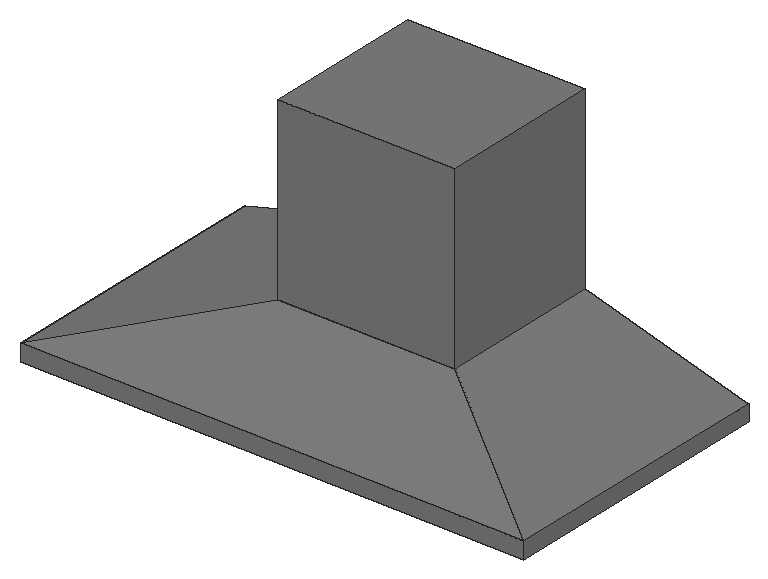
Revit family "Parex_SpecialityEquipment_Martina_Rangehood", category Specialty Equipment, Revit 2023
Family settings
  Round Connector Dimension = Use Diameter
  Part Type = Normal
  Work Plane-Based = No
  Enable Cutting in Views = Yes
  Always vertical = Yes
  Cut with Voids When Loaded = No
  Maintain Annotation Orientation = No
  Shared = No
  Room Calculation Point = No
Parameters
  Width = 900 mm
  WarrantyDescription = "5-Year in-home warranty on hood, 10-Year in-home warranty on motor"
  URL = "https://amorehomes.co.nz/"
  Type IFC Predefined Type = "NOTDEFINED"
  Specifications = "Quiet operation with external motor\r\nExpel smoke, grease, smells & steam outside\r\nEasy control with soft touch eye level controls\r\nGreat control with 5-speed levels\r\n15-Minute delay timer with auto shut-off\r\nTwin LED lights gives you great stove top lighting\r\nSturdy hood made of 1mm 430 stainless steel\r\nStainless steel dishwasher safe filters\r\nRemote control for optimum convenience\r\nDimensions: 900mm wide x 500mm deep\r\nIncludes 5m ducting"
  MountType = "Wall-Mount"
  Model = "Martina 900mm Wall-Mount Rangehood"
  Material = Parex_Metal_430 Stainless Steel_Black
  Manufacturer = "Amore Homes"
  HoodThickness = 30 mm
  HeightOffset = 110.5 mm
  Height = 1000 mm
  FilterMaterial = Parex_Metal_Filter
  Export Type to IFC As = "IfcElectricApplianceType"
  Description = "The Martina 900mm wall-mounted rangehood is suitable for up to a 900mm cooktop. With its black angled sleek lines it will fit into you kitchen seemlessly and can be paired with a motor to suit your cooking requirements."
  Depth = 500 mm
  Default Elevation = Height  # 1000 mm
  ChimneyWidth = 315 mm
  ChimneyHeightInput [instance] = 0 mm
  ChimneyHeight [instance] = if(ChimneyHeightInput < 400 mm, 400 mm, if(ChimneyHeightInput > 750 mm, 750 mm, ChimneyHeightInput))  # 400 mm
  ChimneyDepth = 290 mm
  Calc_RearFrameWidth = 90 mm
  Calc_FrameOffset = 10.326 mm
Reference planes
  plane 1 "Center (Front/Back)": y = 0
  plane 2: z = 0
  plane 3 "Center (Left/Right)": x = 0
  plane 4 "HoodBase": z = 862.038
  plane 5 "Left": x = -450
  plane 6 "Right": x = 450
  plane 7 "Front": y = -500
  plane 8 "ChimneyLeft": x = -157.5
  plane 9 "ChimneyRight": x = 157.5
  plane 10 "ChimneyFront": y = -290
  plane 11 "HoodTop": z = 892.038
  plane 12 "ChimneyTop": z = 1292.038
  plane 13: y = -90
  plane 14: x = -439.674
  plane 15: x = 439.674
  plane 16: y = -479.704
  plane 17: x = -146.558
  plane 18: x = 146.558
  plane 19: y = -45
  plane 20: x = -293.116
  plane 21: x = 293.116
  plane 22 "AngledHeight": z = 972.538
Forms (mm)
  Extrusion 1, solid, material "Parex_Metal_430 Stainless Steel_Black" <- "Material"
    sketch origin (0, 0, 0) x (1, 0, 0) y (0, 1, 0)
      loop
        line (-450, -500) -> (450, -500) -> (450, 0) -> (-450, 0) -> (-450, -500)
    from 862.038 to 892.038
  Extrusion 2, solid, material "Parex_Metal_430 Stainless Steel_Black" <- "Material"
    sketch origin (0, 0, 0) x (1, 0, 0) y (0, 1, 0)
      loop
        line (-157.5, 0) -> (-157.5, -290) -> (157.5, -290) -> (157.5, 0) -> (-157.5, 0)
    from 972.538 to 1292.038
  Blend 3, solid, material "Parex_Metal_430 Stainless Steel_Black" <- "Material"
    base sketch origin (0, 0, 862.038) x (-1, 0, 0) y (0, -1, 0)
      loop
        line (450, 500) -> (-450, 500) -> (-450, 0) -> (450, 0) -> (450, 500)
    top sketch origin (0, 0, 862.038) x (-1, 0, 0) y (0, -1, 0)
      loop
        line (157.5, 0) -> (157.5, 290) -> (-157.5, 290) -> (-157.5, 0) -> (157.5, 0)
    from 30 to 110.5
Lines and regions (mm)
  model lines, detail levels medium+fine
    curve 1: line (-439.674, -90, 862.038) -> (439.674, -90, 862.038)
    curve 2: line (439.674, -479.704, 862.038) -> (-439.674, -479.704, 862.038)
    curve 3: line (-439.674, -479.704, 862.038) -> (-439.674, -90, 862.038)
    curve 4: line (439.674, -479.704, 862.038) -> (439.674, -90, 862.038)
    curve 5: line (-146.558, -479.704, 862.038) -> (-146.558, -90, 862.038)
    curve 6: line (146.558, -479.704, 862.038) -> (146.558, -90, 862.038)
Dimensions and locks
  equal spacing: plane 5 "Left", plane 3 "Center (Left/Right)", plane 6 "Right"
  "Width": plane 5 "Left" to plane 6 "Right"
  "Depth": plane 7 "Front" to plane 1 "Center (Front/Back)"
  equal spacing: plane 8 "ChimneyLeft", plane 3 "Center (Left/Right)", plane 9 "ChimneyRight"
  "ChimneyDepth": plane 10 "ChimneyFront" to plane 1 "Center (Front/Back)"
  "ChimneyWidth": plane 8 "ChimneyLeft" to plane 9 "ChimneyRight"
  "Calc_FrameOffset": plane 5 "Left" to plane 14
  "Calc_FrameOffset": plane 15 to plane 6 "Right"
  equal spacing: plane 14, plane 17, plane 18, plane 15
  "Calc_RearFrameWidth": plane 1 "Center (Front/Back)" to plane 13
  equal spacing: plane 14, plane 20, plane 17
  equal spacing: plane 18, plane 21, plane 15
  equal spacing: plane 1 "Center (Front/Back)", plane 19, plane 13
  "ChimneyHeight": plane 12 "ChimneyTop" to plane 11 "HoodTop"
  "HoodThickness": plane 11 "HoodTop" to plane 4 "HoodBase"
  "HeightOffset": plane 22 "AngledHeight" to plane 4 "HoodBase"
  aligned and locked: level to plane 2
  aligned and locked: Extrusion 1 sketch curve to plane 7 "Front"
  aligned and locked: Extrusion 1 sketch curve to plane 5 "Left"
  aligned and locked: Extrusion 1 sketch curve to plane 1 "Center (Front/Back)"
  aligned and locked: Extrusion 1 sketch curve to plane 6 "Right"
  aligned and locked: plane 11 "HoodTop" to Extrusion 1
  aligned and locked: Extrusion 1 to plane 4 "HoodBase"
  aligned and locked: Extrusion 2 sketch curve to plane 8 "ChimneyLeft"
  aligned and locked: Extrusion 2 sketch curve to plane 10 "ChimneyFront"
  aligned and locked: Extrusion 2 sketch curve to plane 9 "ChimneyRight"
  aligned and locked: Extrusion 2 sketch curve to plane 1 "Center (Front/Back)"
  aligned and locked: plane 12 "ChimneyTop" to Extrusion 2
  aligned and locked: curve 1 to plane 13
  aligned and locked: curve 2 to plane 16
  aligned and locked: curve 3 to plane 14
  aligned and locked: curve 4 to plane 15
  aligned and locked: curve 5 to plane 17
  aligned and locked: curve 6 to plane 18
  aligned and locked: plane 16 to curve 5
  aligned and locked: plane 13 to curve 5
  aligned and locked: nested 1 to plane 19
  aligned and locked: plane 20 to nested 1
  aligned and locked: plane 4 "HoodBase" to nested 2
  aligned and locked: plane 21 to nested 3
  aligned and locked: plane 19 to nested 3
  aligned and locked: nested 2 to plane 14
  aligned and locked: plane 17 to nested 2
  aligned and locked: plane 13 to nested 2
  aligned and locked: plane 16 to nested 2
  aligned and locked: Blend 3 sketch curve to plane 5 "Left"
  aligned and locked: Blend 3 sketch curve to plane 7 "Front"
  aligned and locked: Blend 3 sketch curve to plane 6 "Right"
  aligned and locked: Blend 3 sketch curve to plane 1 "Center (Front/Back)"  (x2)
  aligned and locked: Blend 3 sketch curve to plane 8 "ChimneyLeft"
  aligned and locked: Blend 3 sketch curve to plane 9 "ChimneyRight"
  aligned and locked: Blend 3 sketch curve to plane 10 "ChimneyFront"
  aligned and locked: plane 22 "AngledHeight" to Blend 3
  aligned and locked: Blend 3 to plane 11 "HoodTop"
  aligned and locked: Extrusion 2 to plane 22 "AngledHeight"
Nested families
  nested 1: "Parex_Generic_Spotlight" at (-293.116, -45, 862.038), type "Parex_Generic_Spotlight", detail levels medium+fine
  nested 2: "Parex_Generic_Filter" at (-293.116, -479.704, 859.481), FrameMaterial <- "Material", type "Parex_Generic_Filter", detail levels medium+fine
    with Width 293.116 mm, FrameMaterial Parex_Metal_430 Stainless Steel_Black, Depth 389.704 mm
  nested 3: "Parex_Generic_Spotlight" at (293.116, -45, 862.038) x (-1, 0, 0) z (0, 0, 1), type "Parex_Generic_Spotlight", detail levels medium+fine
  nested 4: "Parex_Generic_Filter" at (0, -479.704, 859.481), FrameMaterial <- "Material", type "Parex_Generic_Filter", detail levels medium+fine
    with Width 293.116 mm, FrameMaterial Parex_Metal_430 Stainless Steel_Black, Depth 389.704 mm
  nested 5: "Parex_Generic_Filter" at (293.116, -479.704, 859.481), FrameMaterial <- "Material", type "Parex_Generic_Filter", detail levels medium+fine
    with Width 293.116 mm, FrameMaterial Parex_Metal_430 Stainless Steel_Black, Depth 389.704 mm
Connectors
  hvac at (0, -145, 1292.038), driven by "ChimneyDepth", driven by "ChimneyWidth"
    settings: on Extrusion 2, index 1, duct flow 0.0 L/s, flow factor 0, pres drop 0.0 Pa, loss coef 0, conn angle 0.00°, conn width 315 mm, conn height 290 mm, conn diameter 609.6 mm, duct sys type 3, conn prof type 1, flow config 0, flow direction 0, loss method 0, conn ref index -1, conn util no, is conn primary yes, conn desc ""
Definition of nested family "Parex_Generic_Spotlight"
  Parameters (values of type "Parex_Generic_Spotlight")
    SpotlightMaterial = none
    SpotlightFrameMaterial = none
    InnerDiameter = Diameter - 5 mm  # 45 mm
    Diameter = 50 mm
    Default Elevation = 0 mm
  Reference planes
    plane 1 "Center (Front/Back)": y = 0
    plane 2: z = 0
    plane 3 "Center (Left/Right)": x = 0
    plane 4: z = -2.125
  Forms (mm)
    Extrusion 1, solid, material <- "SpotlightFrameMaterial", detail levels fine
      sketch origin (0, 0, 0) x (1, 0, 0) y (0, 1, 0)
        loop
          circle (0, 0) r 25
        loop
          circle (0, 0) r 22.5
      from -2.125 to 0
    Extrusion 2, solid, material <- "SpotlightMaterial", detail levels fine
      sketch origin (0, 0, 0) x (1, 0, 0) y (0, 1, 0)
        loop
          circle (0, 0) r 22.5
      from -2.125 to 0
  Lines and regions (mm)
    reference lines
      curve 1: circle (0, 0, 0) r 25 normal (0, 0, 1)
      curve 2: circle (0, 0, 0) r 22.5 normal (0, 0, 1)
    model lines
      curve 3: circle (0, 0, 0) r 25 normal (0, 0, 1)
      curve 4: circle (0, 0, 0) r 22.5 normal (0, 0, 1)
  Dimensions and locks
    "Diameter": diameter of curve 1
    "InnerDiameter": diameter of curve 2
    aligned and locked: level to plane 2
    aligned and locked: curve 3 to curve 1
    aligned and locked: curve 4 to curve 2
    aligned and locked: Extrusion 1 sketch curve to curve 1
    aligned and locked: Extrusion 1 sketch curve to curve 2
    aligned and locked: Extrusion 2 sketch curve to curve 2
    aligned and locked: Extrusion 1 to plane 4
    aligned and locked: Extrusion 2 to plane 4
    aligned and locked: plane 2 to Extrusion 1
    aligned and locked: plane 2 to Extrusion 2
  Automatic sketch dimensions
    curve 1 to curve 2 = 0 mm  (x2)
    plane 1 "Center (Front/Back)" to curve 2 = 0 mm
    curve 2 to plane 3 "Center (Left/Right)" = 0 mm
Definition of nested family "Parex_Generic_Filter"
  Parameters (values of type "Parex_Generic_Filter")
    Width [instance] = 300 mm
    HandleWidth = 60 mm
    HandleDepth = 50 mm
    GrillMaterial = none
    FrameWidth = 5 mm
    FrameMaterial [instance] = none
    Depth [instance] = 600 mm
    Default Elevation = 0 mm
  Reference planes
    plane 1 "Center (Front/Back)": y = 0
    plane 2: z = 0
    plane 3 "Center (Left/Right)": x = 0
    plane 4: x = -150
    plane 5: x = 150
    plane 6: y = 600
    plane 7: x = -145
    plane 8: y = 5
    plane 9: x = 145
    plane 10: y = 595
    plane 11: x = -30
    plane 12: y = 55
    plane 13: x = 30
    plane 14: y = 43
    plane 15: x = 10
    plane 16: y = 18
    plane 17: x = -10
    plane 18: z = 2.557
    plane 19: z = 1.225
  Forms (mm)
    Extrusion 1, solid, material <- "FrameMaterial", detail levels fine
      sketch origin (0, 0, 0) x (1, 0, 0) y (0, 1, 0)
        loop
          line (-150, 0) -> (150, 0) -> (150, 600) -> (-150, 600) -> (-150, 0)
        loop
          line (-145, 5) -> (-30, 5) -> (-30, 55) -> (30, 55) -> (30, 5) -> (145, 5) -> (145, 595) -> (-145, 595) -> (-145, 5)
      from 2.557 to 0
    Extrusion 2, solid, material <- "GrillMaterial", detail levels fine
      sketch origin (0, 0, 0) x (1, 0, 0) y (0, 1, 0)
        loop
          line (-145, 5) -> (-30, 5) -> (-30, 55) -> (30, 55) -> (30, 5) -> (145, 5) -> (145, 595) -> (-145, 595) -> (-145, 5)
      from 1.225 to 0
    Extrusion 3, solid, material <- "FrameMaterial", detail levels fine
      sketch origin (0, 0, 0) x (1, 0, 0) y (0, 1, 0)
        loop
          line (-145, 5) -> (-30, 5) -> (-30, 55) -> (30, 55) -> (30, 5) -> (145, 5) -> (145, 595) -> (-145, 595) -> (-145, 5)
      from 2.557 to 1.225
  Lines and regions (mm)
    model lines
      curve 1: line (150, 0, 0) -> (-150, 0, 0)
      curve 2: line (-150, 0, 0) -> (-150, 600, 0)
      curve 3: line (150, 0, 0) -> (150, 600, 0)
      curve 4: line (-150, 600, 0) -> (150, 600, 0)
      curve 5: line (145, 595, 0) -> (-145, 595, 0)
      curve 6: line (145, 5, 0) -> (145, 595, 0)
      curve 7: line (-145, 5, 0) -> (-145, 595, 0)
      curve 8: line (-145, 5, 0) -> (145, 5, 0)
      curve 9: line (-30, 5, 0) -> (-30, 55, 0)
      curve 10: line (30, 55, 0) -> (30, 5, 0)
      curve 11: line (-30, 55, 0) -> (30, 55, 0)
      curve 12: line (-10, 18, 0) -> (-10, 43, 0)
      curve 13: line (10, 43, 0) -> (10, 18, 0)
      curve 14: line (-10, 43, 0) -> (10, 43, 0)
      curve 15: line (10, 18, 0) -> (-10, 18, 0)
  Dimensions and locks
    equal spacing: plane 4, plane 3 "Center (Left/Right)", plane 5
    "Width": plane 4 to plane 5
    "Depth": plane 1 "Center (Front/Back)" to plane 6
    "FrameWidth": plane 1 "Center (Front/Back)" to plane 8
    "FrameWidth": plane 10 to plane 6
    "FrameWidth": plane 4 to plane 7
    "FrameWidth": plane 9 to plane 5
    equal spacing: plane 11, plane 3 "Center (Left/Right)", plane 13
    "HandleWidth": plane 11 to plane 13
    "HandleDepth": plane 12 to plane 8
    locked: plane 16 to plane 14 at 25
    equal spacing: plane 17, plane 3 "Center (Left/Right)", plane 15
    plane 17 to plane 15 = 20 mm
    locked: plane 12 to plane 14 at 12
    aligned and locked: level to plane 2
    aligned and locked: curve 1 to plane 1 "Center (Front/Back)"
    aligned and locked: curve 2 to plane 4
    aligned and locked: curve 3 to plane 5
    aligned and locked: curve 4 to plane 6
    aligned and locked: curve 5 to plane 10
    aligned and locked: curve 6 to plane 9
    aligned and locked: curve 7 to plane 7
    aligned and locked: curve 8 to plane 8
    aligned and locked: curve 9 to plane 11
    aligned and locked: curve 10 to plane 13
    aligned and locked: curve 11 to plane 12
    aligned and locked: curve 12 to plane 17
    aligned and locked: plane 15 to curve 13
    aligned and locked: curve 14 to plane 14
    aligned and locked: curve 15 to plane 16
    aligned and locked: plane 8 to curve 9
    aligned and locked: Extrusion 1 sketch curve to plane 4
    aligned and locked: Extrusion 1 sketch curve to plane 7
    aligned and locked: Extrusion 1 sketch curve to plane 9
    aligned and locked: Extrusion 1 sketch curve to plane 5
    aligned and locked: Extrusion 1 sketch curve to plane 1 "Center (Front/Back)"
    aligned and locked: Extrusion 1 sketch curve to plane 8
    aligned and locked: Extrusion 1 sketch curve to plane 13
    aligned and locked: Extrusion 1 sketch curve to plane 11
    aligned and locked: Extrusion 1 sketch curve to plane 12
    aligned and locked: Extrusion 1 sketch curve to plane 6
    aligned and locked: Extrusion 1 sketch curve to plane 10
    aligned and locked: Extrusion 2 sketch curve to plane 7
    aligned and locked: Extrusion 2 sketch curve to plane 8
    aligned and locked: Extrusion 2 sketch curve to plane 11
    aligned and locked: Extrusion 2 sketch curve to plane 13
    aligned and locked: Extrusion 2 sketch curve to plane 12
    aligned and locked: Extrusion 2 sketch curve to plane 9
    aligned and locked: Extrusion 2 sketch curve to plane 10
    aligned and locked: Extrusion 1 to plane 18
    aligned and locked: plane 2 to Extrusion 1
    aligned and locked: plane 2 to Extrusion 2
    aligned and locked: plane 19 to Extrusion 2
    aligned and locked: Extrusion 3 sketch curve to plane 8  (x2)
    aligned and locked: Extrusion 3 sketch curve to plane 13
    aligned and locked: Extrusion 3 sketch curve to plane 12
    aligned and locked: Extrusion 3 sketch curve to plane 11
    aligned and locked: Extrusion 3 sketch curve to plane 7
    aligned and locked: Extrusion 3 sketch curve to plane 9
    aligned and locked: Extrusion 3 sketch curve to plane 10
    aligned and locked: Extrusion 3 to plane 19
    aligned and locked: plane 18 to Extrusion 3
  Automatic sketch dimensions
    Extrusion 1 sketch curve to plane 8 = 0 mm
    Extrusion 2 sketch curve to plane 8 = 0 mm
